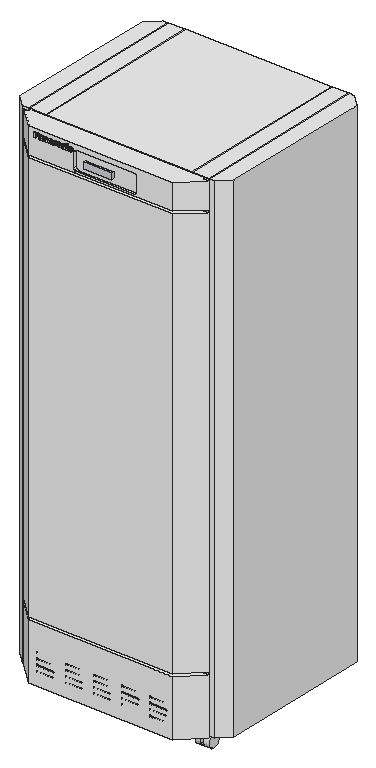
Revit family "MLR-351H-PA", category Mechanical Equipment, Revit 2011
Parameters
  URL = "http://us.sanyo.com/Biomedical-Environmental-Chambers-Plant-Growth-Chambers/MLR-351H-10-4-cu-ft-Plant-Growth-Chamber"
  Supplier Model = "MLR-351H-PA"
  Supplier = "Panasonic Healthcare Company of North America"
  Refrig Charge Lbs = "R-404A. 270g"
  Pnet Number = ""
  Panel = Plastic
  Model = "Panasonic MLR-351H-PA"
  Manufacturer = "Panasonic"
  Body = Galvanized Steel
  Load Mbh = 5118
  Length = 2' - 3.55906"
  Width = 2' - 5.92126"
  Legend Number = "Millimeters"
  LOAD 1 WATTAGE = 0 W
  LOAD 1 VOLTAGE = 115 V
  LOAD 1 POLES = 1
  LOAD 1 PLUG TYPE = "NEMA 5-20P"
  LOAD 1 NEUTRAL REQUIRED = yes
  LOAD 1 MOUNTING HEIGHT ABOVE FLOOR = 0' - 4"
  LOAD 1 ISOLATED GROUND REQUIRED = no
  LOAD 1 GROUND FAULT PROTECTION REQUIRED = no
  LOAD 1 ENERGY SETBACK REQUIRED = no
  LOAD 1 DESCRIPTION = "single phase 115V 60Hz"
  Height = 6' - 0.24409"
  Evap Temp = -10
  Equipment Mark = "Legend Number"  # constant formula
  Equipment Description = "Description"  # constant formula
  Door = Galvanized Steel
  Description = "Plant Growth Chamber"
  Defrost Type = "Manual"
  Defrost Termination = "Manual"
  Defrost Num Day = 0
  Actual Weight = 0
  LOAD 1 DEDICATED CIRCUIT REQUIRED = yes
  LOAD 1 CLASSIFICATION = Power
Reference planes (in)
  plane 1 "Center (Front/Back)": y = 0
  plane 2: z = 0
  plane 3 "Center (Left/Right)": x = 0
  plane 4: z = 72.24409
  plane 5: z = 2.55906
  plane 6: x = -14.96063
  plane 7: x = 14.96063
  plane 8: y = -13.77953
  plane 9: y = 13.77953
  plane 10: y = -10.62992
  plane 11: x = -10.23622
  plane 12: x = 10.23622
Forms (in)
  Extrusion 1, solid, material "Galvanized Steel" <- "Body"
    sketch origin (-11.3136, -60, 2.55906) x (-1, 0, 0) y (0, -1, 0)
      loop
        line (2.07223, -73.77953) -> (3.64703, -72.20472) -> (3.64703, -50.86569) -> (2.07223, -49.37008) -> (1.28483, -49.37008) -> (1.28483, -73.77953) -> (2.07223, -73.77953)
      loop
        line (-24.69943, -73.77953) -> (-23.91202, -73.77953) -> (-23.91202, -49.37008) -> (-24.69943, -49.37008) -> (-26.27423, -50.86569) -> (-26.27423, -72.20472) -> (-24.69943, -73.77953)
    from 0 to 69.68504
  Extrusion 2, solid, material "Galvanized Steel" <- "Body"
    sketch origin (-11.3136, -60, 2.55906) x (-1, 0, 0) y (0, -1, 0)
      loop
        line (1.28483, -73.77953) -> (1.28483, -49.37008) -> (-1.07738, -49.37008) -> (-1.07738, -73.77953) -> (1.28483, -73.77953)
      loop
        line (-23.91202, -73.77953) -> (-21.54982, -73.77953) -> (-21.54982, -49.37008) -> (-23.91202, -49.37008) -> (-23.91202, -73.77953)
    from 0 to 7.87402
  Extrusion 3, solid, material "Galvanized Steel" <- "Body"
    sketch origin (-11.3136, -60, 2.55906) x (-1, 0, 0) y (0, -1, 0)
      loop
        line (-1.07738, -73.77953) -> (-1.07738, -49.37008) -> (-21.54982, -49.37008) -> (-21.54982, -73.77953) -> (-1.07738, -73.77953)
    from 0 to 7.87402
  Extrusion 4, solid, material "Galvanized Steel" <- "Body"
    sketch origin (0, 0, 0) x (1, 0, 0) y (0, 0, 1)
      loop
        line (-12.59843, 68.30709) -> (-12.59843, 10.82677) -> (-10.23622, 10.82677) -> (-10.23622, 68.30709) -> (-12.59843, 68.30709)
      loop
        line (12.59843, 68.30709) -> (10.23622, 68.30709) -> (10.23622, 10.82677) -> (12.59843, 10.82677) -> (12.59843, 68.30709)
    from -13.77953 to 10.62992
  Extrusion 5, solid, material "Galvanized Steel" <- "Body"
    sketch origin (0, 0, 0) x (1, 0, 0) y (0, 0, 1)
      loop
        line (-12.59843, 72.24409) -> (-12.59843, 68.70079) -> (-10.23622, 68.70079) -> (-10.23622, 72.24409) -> (-12.59843, 72.24409)
      loop
        line (12.59843, 72.24409) -> (10.23622, 72.24409) -> (10.23622, 68.70079) -> (12.59843, 68.70079) -> (12.59843, 72.24409)
    from -13.77953 to 10.62992
  Extrusion 6, solid, material "Plastic"
    sketch origin (-14.96063, -60, -5.49032) x (0, 0, -1) y (0, -1, 0)
      loop
        line (-73.7974, -73.97638) -> (-70.05725, -73.97638) -> (-70.05725, -77.32283) -> (-68.67929, -77.32283) -> (-68.67929, -77.12598) -> (-69.8604, -77.12598) -> (-69.8604, -73.77953) -> (-73.7974, -73.77953) -> (-73.7974, -73.97638)
    from -4.72441 to -7.87402
  Extrusion 7, solid, material "Plastic"
    sketch origin (14.96063, -60, -5.49032) x (0, 0, -1) y (0, -1, 0)
      loop
        line (-73.7974, -73.97638) -> (-70.05725, -73.97638) -> (-70.05725, -77.32283) -> (-68.67929, -77.32283) -> (-68.67929, -77.12598) -> (-69.8604, -77.12598) -> (-69.8604, -73.77953) -> (-73.7974, -73.77953) -> (-73.7974, -73.97638)
    from 4.72441 to 7.87402
  Extrusion 8, solid, material "Galvanized Steel" <- "Body"
    sketch origin (0, 0, 0) x (0, 1, 0) y (0, 0, 1)
      loop
        line (-10.62992, 72.24409) -> (-10.62992, 68.30709) -> (-9.84252, 68.30709) -> (-9.84252, 60.43307) -> (9.44882, 60.43307) -> (9.44882, 15.74803) -> (-9.84252, 15.74803) -> (-9.84252, 10.82677) -> (13.77953, 10.82677) -> (13.77953, 72.24409) -> (-10.62992, 72.24409)
    from 10.23622 to -10.23622
  Extrusion 9, solid, material "Galvanized Steel" <- "Body"
    sketch origin (-11.3136, -60, 72.24409) x (-1, 0, 0) y (0, -1, 0)
      loop
        line (0.89113, -49.37008) -> (0.89113, -48.97638) -> (1.65768, -48.97638) -> (-1.24415, -46.22047) -> (-21.38305, -46.22047) -> (-24.28488, -48.97638) -> (-23.51832, -48.97638) -> (-23.51832, -49.37008) -> (0.89113, -49.37008)
    from 0 to -3.54331
  Extrusion 10, solid, material "Galvanized Steel" <- "Door"
    sketch origin (0, -9.84252, 68.30709) x (-1, 0, 0) y (0, 1, 0)
      loop
        line (12.97128, -1.1811) -> (12.20472, -1.1811) -> (12.20472, -0.7874) -> (-12.20472, -0.7874) -> (-12.20472, -1.1811) -> (-12.97128, -1.1811) -> (-10.06945, -3.93701) -> (10.06945, -3.93701) -> (12.97128, -1.1811)
    from 0 to 57.48031
  Extrusion 11, solid, material "Galvanized Steel" <- "Body"
    sketch origin (-11.3136, -60, 2.55906) x (-1, 0, 0) y (0, -1, 0)
      loop
        line (1.65768, -48.97638) -> (-1.24415, -46.22047) -> (-21.38305, -46.22047) -> (-24.28488, -48.97638) -> (-23.51832, -48.97638) -> (-23.51832, -49.37008) -> (0.89113, -49.37008) -> (0.89113, -48.97638) -> (1.65768, -48.97638)
    from 0 to 7.87402
  Extrusion 12, void
    sketch origin (168, -13.77953, -5.03102) x (0, 0, 1) y (1, 0, 0)
      loop
        line (76.68456, -171.34646) -> (76.68456, -163.27559)
        arc (76.68456, -163.27559) -> (76.56925, -162.9972) -> (76.29086, -162.88189) r 0.3937
        line (76.29086, -162.88189) -> (74.32236, -162.88189)
        arc (74.32236, -162.88189) -> (74.04397, -162.9972) -> (73.92866, -163.27559) r 0.3937
        line (73.92866, -163.27559) -> (73.92866, -171.34646)
        arc (73.92866, -171.34646) -> (74.04397, -171.62485) -> (74.32236, -171.74016) r 0.3937
        line (74.32236, -171.74016) -> (76.29086, -171.74016)
        arc (76.29086, -171.74016) -> (76.56925, -171.62485) -> (76.68456, -171.34646) r 0.3937
    from 0 to 0.3937
  Extrusion 13, solid
    sketch origin (168, -13.77953, -5.03102) x (0, 0, -1) y (1, 0, 0)
      loop
        line (-75.50346, -170.3622) -> (-74.71606, -170.3622) -> (-74.71606, -166.4252) -> (-75.50346, -166.4252) -> (-75.50346, -170.3622)
    from 0 to -0.3937
  Extrusion 14, void
    sketch origin (168, -13.77953, -5.03102) x (0, 0, 1) y (1, 0, 0)
      loop
        line (11.92078, -176.85827) -> (11.92078, -174.49606) -> (11.72393, -174.49606) -> (11.72393, -176.85827) -> (11.92078, -176.85827)
      loop
        line (11.13338, -176.85827) -> (11.13338, -174.49606) -> (10.93653, -174.49606) -> (10.93653, -176.85827) -> (11.13338, -176.85827)
      loop
        line (10.34598, -176.85827) -> (10.34598, -174.49606) -> (10.14913, -174.49606) -> (10.14913, -176.85827) -> (10.34598, -176.85827)
      loop
        line (9.55858, -176.85827) -> (9.55858, -174.49606) -> (9.36173, -174.49606) -> (9.36173, -176.85827) -> (9.55858, -176.85827)
    from 0 to 0.3937
  Extrusion 15, solid
    sketch origin (168, 13.77953, -5.03102) x (0, 0, -1) y (1, 0, 0)
      loop
        circle (-73.27512, -178.96063) r 0.59055
    from 0 to -0.3937
  Extrusion 16, solid, material "Steel"
    sketch origin (168, -10.62992, -5.03102) x (0, 0, -1) y (1, 0, 0)
      loop
        line (-7.59008, -179.11219) -> (-5.81842, -179.11219) -> (-5.81842, -178.71849) -> (-7.59008, -178.71849) -> (-7.59008, -179.11219)
    from -1.9685 to -2.75591
  Extrusion 17, solid, material "Steel"
    sketch origin (-11.11219, -10.62992, 0.7874) x (0, 0, 1) y (0, 1, 0)
      loop
        circle (0, 1.77165) r 0.7874
    from 0 to 0.7874
  Extrusion 18, solid, material "Steel"
    sketch origin (-10.71849, -10.62992, 2.55906) x (0, 0, -1) y (0, 1, 0)
      loop
        circle (1.77165, 1.77165) r 0.7874
    from 0 to 0.7874
  Extrusion 19, solid, material "Steel"
    sketch origin (-168, -10.62992, -5.03102) x (0, 0, -1) y (1, 0, 0)
      loop
        line (-7.59008, 179.11219) -> (-7.59008, 178.71849) -> (-5.81842, 178.71849) -> (-5.81842, 179.11219) -> (-7.59008, 179.11219)
    from -1.9685 to -2.75591
  Extrusion 20, solid, material "Steel"
    sketch origin (11.11219, -10.62992, 0.7874) x (0, 0, 1) y (0, -1, 0)
      loop
        circle (0, -1.77165) r 0.7874
    from 0 to 0.7874
  Extrusion 21, solid, material "Steel"
    sketch origin (10.71849, -10.62992, 2.55906) x (0, 0, -1) y (0, -1, 0)
      loop
        circle (1.77165, -1.77165) r 0.7874
    from 0 to 0.7874
  Extrusion 22, solid, material "Steel"
    sketch origin (168, 13.77953, -5.03102) x (0, 0, -1) y (1, 0, 0)
      loop
        line (-7.59008, -179.11219) -> (-5.81842, -179.11219) -> (-5.81842, -178.71849) -> (-7.59008, -178.71849) -> (-7.59008, -179.11219)
    from 1.9685 to 2.75591
  Extrusion 23, solid, material "Steel"
    sketch origin (-11.11219, 13.77953, 0.7874) x (0, 0, 1) y (0, 1, 0)
      loop
        circle (0, -1.77165) r 0.7874
    from 0 to 0.7874
  Extrusion 24, solid, material "Steel"
    sketch origin (-10.71849, 13.77953, 2.55906) x (0, 0, -1) y (0, 1, 0)
      loop
        circle (1.77165, -1.77165) r 0.7874
    from 0 to 0.7874
  Extrusion 25, solid, material "Steel"
    sketch origin (-168, 13.77953, -5.03102) x (0, 0, -1) y (1, 0, 0)
      loop
        line (-7.59008, 179.11219) -> (-7.59008, 178.71849) -> (-5.81842, 178.71849) -> (-5.81842, 179.11219) -> (-7.59008, 179.11219)
    from 1.9685 to 2.75591
  Extrusion 26, solid, material "Steel"
    sketch origin (11.11219, 13.77953, 0.7874) x (0, 0, 1) y (0, -1, 0)
      loop
        circle (0, 1.77165) r 0.7874
    from 0 to 0.7874
  Extrusion 27, solid, material "Steel"
    sketch origin (10.71849, 13.77953, 2.55906) x (0, 0, -1) y (0, -1, 0)
      loop
        circle (1.77165, 1.77165) r 0.7874
    from 0 to 0.7874
  Extrusion 28, void
    sketch origin (171.93701, -13.77953, -5.03102) x (0, 0, 1) y (1, 0, 0)
      loop
        line (11.92078, -176.85827) -> (11.92078, -174.49606) -> (11.72393, -174.49606) -> (11.72393, -176.85827) -> (11.92078, -176.85827)
      loop
        line (11.13338, -176.85827) -> (11.13338, -174.49606) -> (10.93653, -174.49606) -> (10.93653, -176.85827) -> (11.13338, -176.85827)
      loop
        line (10.34598, -176.85827) -> (10.34598, -174.49606) -> (10.14913, -174.49606) -> (10.14913, -176.85827) -> (10.34598, -176.85827)
      loop
        line (9.55858, -176.85827) -> (9.55858, -174.49606) -> (9.36173, -174.49606) -> (9.36173, -176.85827) -> (9.55858, -176.85827)
    from 0 to 0.3937
  Extrusion 29, void
    sketch origin (175.87402, -13.77953, -5.03102) x (0, 0, 1) y (1, 0, 0)
      loop
        line (11.92078, -176.85827) -> (11.92078, -174.49606) -> (11.72393, -174.49606) -> (11.72393, -176.85827) -> (11.92078, -176.85827)
      loop
        line (11.13338, -176.85827) -> (11.13338, -174.49606) -> (10.93653, -174.49606) -> (10.93653, -176.85827) -> (11.13338, -176.85827)
      loop
        line (10.34598, -176.85827) -> (10.34598, -174.49606) -> (10.14913, -174.49606) -> (10.14913, -176.85827) -> (10.34598, -176.85827)
      loop
        line (9.55858, -176.85827) -> (9.55858, -174.49606) -> (9.36173, -174.49606) -> (9.36173, -176.85827) -> (9.55858, -176.85827)
    from 0 to 0.3937
  Extrusion 30, void
    sketch origin (179.81102, -13.77953, -5.03102) x (0, 0, 1) y (1, 0, 0)
      loop
        line (11.92078, -176.85827) -> (11.92078, -174.49606) -> (11.72393, -174.49606) -> (11.72393, -176.85827) -> (11.92078, -176.85827)
      loop
        line (11.13338, -176.85827) -> (11.13338, -174.49606) -> (10.93653, -174.49606) -> (10.93653, -176.85827) -> (11.13338, -176.85827)
      loop
        line (10.34598, -176.85827) -> (10.34598, -174.49606) -> (10.14913, -174.49606) -> (10.14913, -176.85827) -> (10.34598, -176.85827)
      loop
        line (9.55858, -176.85827) -> (9.55858, -174.49606) -> (9.36173, -174.49606) -> (9.36173, -176.85827) -> (9.55858, -176.85827)
    from 0 to 0.3937
  Extrusion 31, void
    sketch origin (183.74803, -13.77953, -5.03102) x (0, 0, 1) y (1, 0, 0)
      loop
        line (11.92078, -176.85827) -> (11.92078, -174.49606) -> (11.72393, -174.49606) -> (11.72393, -176.85827) -> (11.92078, -176.85827)
      loop
        line (11.13338, -176.85827) -> (11.13338, -174.49606) -> (10.93653, -174.49606) -> (10.93653, -176.85827) -> (11.13338, -176.85827)
      loop
        line (10.34598, -176.85827) -> (10.34598, -174.49606) -> (10.14913, -174.49606) -> (10.14913, -176.85827) -> (10.34598, -176.85827)
      loop
        line (9.55858, -176.85827) -> (9.55858, -174.49606) -> (9.36173, -174.49606) -> (9.36173, -176.85827) -> (9.55858, -176.85827)
    from 0 to 0.3937
Cuts and joins
  Extrusion 12 cuts Extrusion 9
  Extrusion 14, Extrusion 28, Extrusion 29, Extrusion 30, Extrusion 31 cuts Extrusion 11
Dimensions and locks (in)
  locked: plane 5 to level at 2.55906
  "Height": plane 4 to level
  "Width": plane 6 to plane 7
  equal spacing: plane 6, plane 3 "Center (Left/Right)", plane 7
  "Length": plane 8 to plane 9
  locked: plane 6 to Extrusion 1 sketch curve at 2.3622
  locked: Extrusion 4 sketch curve to Extrusion 2 at 0.3937
  locked: plane 8 to plane 10 at 3.14961
  equal spacing: plane 8, plane 1 "Center (Front/Back)", plane 9
  plane 10 to plane 9 = 2' - 0.40945"
  locked: Extrusion 1 sketch curve to Extrusion 5 at 0.7874  (x2)
  locked: Extrusion 8 sketch curve to Extrusion 8 sketch curve at 0.7874
  locked: plane 6 to plane 11 at 4.72441
  locked: plane 12 to plane 7 at 4.72441
  locked: Extrusion 8 sketch curve to plane 9 at 4.33071
  locked: Extrusion 9 sketch curve to Extrusion 5 at 0.3937
  locked: Extrusion 5 to Extrusion 9 sketch curve at 0.3937
  locked: Extrusion 5 to Extrusion 4 sketch curve at 0.3937
  plane 11 to Extrusion 12 sketch curve = 0' - 6.49606"
  locked: plane 8 to cut or joined group of Extrusion 11, Extrusion 14, Extrusion 28, Extrusion 29, Extrusion 30, Extrusion 31 at 0.3937
  Extrusion 15 sketch curve to plane 4 = 0' - 4"
  plane 6 to Extrusion 15 sketch curve = 0' - 4"
  locked: Extrusion 17 sketch curve to level at 0.7874
  locked: Extrusion 17 sketch curve to Extrusion 16 at 0.98425
  locked: Extrusion 19 to Extrusion 20 sketch curve at 0.98425
  locked: Extrusion 22 to Extrusion 23 sketch curve at 0.98425
  locked: Extrusion 26 sketch curve to Extrusion 25 at 0.98425
  locked: Extrusion 13 sketch curve to Extrusion 13 sketch curve at 3.93701
  locked: Extrusion 13 sketch curve to cut or joined group of Extrusion 9, Extrusion 12 at 1.37795
  locked: plane 11 to cut or joined group of Extrusion 11, Extrusion 14, Extrusion 28, Extrusion 29, Extrusion 30, Extrusion 31 at 1.37795
  locked: cut or joined group of Extrusion 11, Extrusion 14, Extrusion 28, Extrusion 29, Extrusion 30, Extrusion 31 to level at 6.69291
  locked: plane 11 to nested 1 at 1
  locked: plane 4 to nested 1 at 1
  aligned and locked: level to plane 2
  aligned and locked: plane 9 to Extrusion 1 sketch curve
  aligned and locked: Extrusion 1 sketch curve to plane 6
  aligned and locked: plane 4 to Extrusion 1
  aligned and locked: Extrusion 1 to plane 5
  aligned and locked: Extrusion 2 sketch curve to Extrusion 2 sketch curve
  aligned and locked: Extrusion 3 sketch curve to Extrusion 2  (x4)
  aligned and locked: Extrusion 3 to plane 5
  aligned and locked: Extrusion 2 to Extrusion 3
  aligned and locked: Extrusion 4 sketch curve to Extrusion 4 sketch curve  (x2)
  aligned and locked: Extrusion 4 sketch curve to Extrusion 2
  aligned and locked: Extrusion 4 to plane 9
  aligned and locked: Extrusion 4 to Extrusion 2
  aligned and locked: Extrusion 5 sketch curve to Extrusion 5 sketch curve
  aligned and locked: Extrusion 5 to plane 9
  aligned and locked: Extrusion 5 to Extrusion 4  (x2)
  aligned and locked: Extrusion 2 to Extrusion 4
  aligned and locked: Extrusion 4 to Extrusion 5
  aligned and locked: plane 10 to Extrusion 5
  aligned and locked: Extrusion 8 sketch curve to Extrusion 1
  aligned and locked: Extrusion 8 sketch curve to Extrusion 4
  aligned and locked: plane 11 to Extrusion 8
  aligned and locked: Extrusion 8 to plane 12
  aligned and locked: plane 9 to Extrusion 8 sketch curve
  aligned and locked: Extrusion 8 sketch curve to plane 10
  aligned and locked: Extrusion 8 sketch curve to Extrusion 8 sketch curve
  aligned and locked: Extrusion 1 to Extrusion 9 sketch curve  (x3)
  aligned and locked: Extrusion 9 sketch curve to plane 8
  aligned and locked: Extrusion 9 sketch curve to Extrusion 9 sketch curve
  aligned and locked: Extrusion 9 to Extrusion 5
  aligned and locked: Extrusion 10 sketch curve to Extrusion 9  (x8)
  aligned and locked: Extrusion 10 to Extrusion 4  (x2)
  aligned and locked: Extrusion 11 sketch curve to Extrusion 9  (x8)
  aligned and locked: Extrusion 11 to plane 5
  aligned and locked: Extrusion 11 to Extrusion 2
  aligned and locked: Extrusion 13 to plane 8
  aligned and locked: cut or joined group of Extrusion 9, Extrusion 12 to Extrusion 13
  aligned and locked: cut or joined group of Extrusion 11, Extrusion 14, Extrusion 28, Extrusion 29, Extrusion 30, Extrusion 31 to plane 8
  aligned and locked: cut or joined group of Extrusion 11, Extrusion 14, Extrusion 28, Extrusion 29, Extrusion 30, Extrusion 31 to cut or joined group of Extrusion 11, Extrusion 14, Extrusion 28, Extrusion 29, Extrusion 30, Extrusion 31
  aligned: plane 8 to Extrusion 14
  aligned: cut or joined group of Extrusion 11, Extrusion 14, Extrusion 28, Extrusion 29, Extrusion 30, Extrusion 31 to cut or joined group of Extrusion 11, Extrusion 14, Extrusion 28, Extrusion 29, Extrusion 30, Extrusion 31  (x2)
  aligned and locked: Extrusion 14 sketch curve to Extrusion 14 sketch curve  (x6)
  aligned and locked: plane 9 to Extrusion 15
  aligned and locked: Extrusion 16 sketch curve to plane 5
  aligned and locked: Extrusion 18 sketch curve to Extrusion 17  (x2)
  aligned and locked: Extrusion 21 sketch curve to Extrusion 20  (x2)
  aligned and locked: Extrusion 24 sketch curve to Extrusion 23  (x2)
  aligned and locked: Extrusion 27 sketch curve to Extrusion 26  (x2)
  aligned and locked: Extrusion 28 sketch curve to Extrusion 28 sketch curve  (x6)
  aligned and locked: Extrusion 29 sketch curve to Extrusion 29 sketch curve  (x6)
  aligned and locked: Extrusion 30 sketch curve to Extrusion 30 sketch curve  (x6)
  aligned and locked: Extrusion 31 sketch curve to Extrusion 31 sketch curve  (x6)
  aligned and locked: plane 8 to nested 1
Automatic sketch dimensions
  Extrusion 28 sketch curve to Extrusion 28 sketch curve = 0' - 0.59055"  (x3)
  Extrusion 28 sketch curve to Extrusion 28 sketch curve = 0' - 0.19685"  (x4)
  Extrusion 28 sketch curve to Extrusion 28 sketch curve = 0' - 2.3622"
  Extrusion 30 sketch curve to Extrusion 30 sketch curve = 0' - 0.59055"  (x3)
  Extrusion 30 sketch curve to Extrusion 30 sketch curve = 0' - 0.19685"  (x4)
  Extrusion 30 sketch curve to Extrusion 30 sketch curve = 0' - 2.3622"
  Extrusion 1 sketch curve to plane 7 = 0' - 0"
  plane 10 to Extrusion 1 sketch curve = 0' - 0"  (x2)
  plane 9 to Extrusion 1 sketch curve = 0' - 0"
  plane 7 to Extrusion 1 sketch curve = 0' - 1.5748"  (x2)
  Extrusion 1 sketch curve to Extrusion 1 sketch curve = 0' - 0.7874"
  plane 9 to Extrusion 1 sketch curve = 0' - 1.5748"  (x2)
  Extrusion 1 sketch curve to plane 10 = 0' - 1.49561"  (x2)
  plane 10 to Extrusion 2 sketch curve = 0' - 0"
  plane 9 to Extrusion 2 sketch curve = 0' - 0"  (x2)
  Extrusion 2 sketch curve to plane 12 = 0' - 0"
  Extrusion 2 sketch curve to plane 11 = 0' - 0"
  plane 7 to Extrusion 2 sketch curve = 0' - 2.3622"
  Extrusion 2 sketch curve to Extrusion 2 sketch curve = 0' - 2.3622"
  Extrusion 3 sketch curve to plane 11 = 0' - 0"
  plane 11 to Extrusion 4 sketch curve = 0' - 0"
  Extrusion 4 sketch curve to Extrusion 4 sketch curve = 0' - 2.3622"
  plane 7 to Extrusion 4 sketch curve = 0' - 2.3622"
  Extrusion 5 sketch curve to plane 4 = 0' - 0"  (x2)
  plane 11 to Extrusion 5 sketch curve = 0' - 0"
  plane 12 to Extrusion 5 sketch curve = 0' - 0"
  Extrusion 5 sketch curve to Extrusion 5 sketch curve = 0' - 2.3622"
  plane 7 to Extrusion 5 sketch curve = 0' - 2.3622"
  Extrusion 5 sketch curve to Extrusion 5 sketch curve = 0' - 3.54331"
  Extrusion 6 sketch curve to plane 9 = 0' - 0"
  Extrusion 6 sketch curve to plane 9 = 0' - 0.19685"
  Extrusion 6 sketch curve to plane 4 = 0' - 3.93701"
  Extrusion 6 sketch curve to Extrusion 6 sketch curve = 0' - 3.74016"
  Extrusion 6 sketch curve to Extrusion 6 sketch curve = 0' - 0.19685"  (x2)
  Extrusion 6 sketch curve to Extrusion 6 sketch curve = 0' - 1.1811"
  Extrusion 6 sketch curve to plane 9 = 0' - 3.34646"
  Extrusion 7 sketch curve to plane 9 = 0' - 0"
  Extrusion 7 sketch curve to plane 9 = 0' - 0.19685"
  Extrusion 7 sketch curve to plane 4 = 0' - 3.93701"
  Extrusion 7 sketch curve to Extrusion 7 sketch curve = 0' - 3.74016"
  Extrusion 7 sketch curve to Extrusion 7 sketch curve = 0' - 0.19685"  (x2)
  Extrusion 7 sketch curve to Extrusion 7 sketch curve = 0' - 1.1811"
  Extrusion 7 sketch curve to plane 9 = 0' - 3.34646"
  Extrusion 8 sketch curve to Extrusion 8 sketch curve = 0' - 4.92126"
  Extrusion 8 sketch curve to plane 4 = 0' - 11.81102"
  Extrusion 8 sketch curve to plane 4 = 0' - 3.93701"
  plane 10 to Extrusion 9 sketch curve = 0' - 0.3937"
  Extrusion 12 sketch curve to plane 4 = 0' - 3.34646"
  Extrusion 12 sketch curve to Extrusion 12 sketch curve = 0' - 0.3937"  (x2)
  Extrusion 12 sketch curve to plane 4 = 0' - 0.98425"  (x2)
  Extrusion 12 sketch curve to plane 4 = 0' - 0.59055"
  plane 3 "Center (Left/Right)" to Extrusion 12 sketch curve = 0' - 4.72441"
  Extrusion 13 sketch curve to plane 4 = 0' - 1.77165"
  Extrusion 13 sketch curve to Extrusion 13 sketch curve = 0' - 0.7874"
  plane 5 to Extrusion 14 sketch curve = 0' - 1.77165"
  Extrusion 14 sketch curve to Extrusion 14 sketch curve = 0' - 0.19685"  (x4)
  Extrusion 14 sketch curve to Extrusion 14 sketch curve = 0' - 0.59055"  (x3)
  Extrusion 14 sketch curve to plane 11 = 0' - 1.37795"
  Extrusion 14 sketch curve to Extrusion 14 sketch curve = 0' - 2.3622"
  level to Extrusion 16 sketch curve = 0' - 0.7874"
  plane 11 to Extrusion 16 sketch curve = 0' - 0.87597"
  Extrusion 16 sketch curve to Extrusion 16 sketch curve = 0' - 0.3937"
  Extrusion 19 sketch curve to plane 5 = 0' - 0"
  level to Extrusion 19 sketch curve = 0' - 0.7874"
  Extrusion 19 sketch curve to plane 12 = 0' - 0.48227"
  Extrusion 19 sketch curve to Extrusion 19 sketch curve = 0' - 0.3937"
  Extrusion 20 sketch curve to Extrusion 19 = 0' - 0"
  Extrusion 22 sketch curve to plane 5 = 0' - 0"
  level to Extrusion 22 sketch curve = 0' - 0.7874"
  plane 11 to Extrusion 22 sketch curve = 0' - 0.87597"
  Extrusion 22 sketch curve to Extrusion 22 sketch curve = 0' - 0.3937"
  Extrusion 23 sketch curve to Extrusion 22 = 0' - 0"
  Extrusion 25 sketch curve to plane 5 = 0' - 0"
  level to Extrusion 25 sketch curve = 0' - 0.7874"
  Extrusion 25 sketch curve to plane 12 = 0' - 0.48227"
  Extrusion 25 sketch curve to Extrusion 25 sketch curve = 0' - 0.3937"
  Extrusion 25 to Extrusion 26 sketch curve = 0' - 0"
  Extrusion 29 sketch curve to Extrusion 29 sketch curve = 0' - 0.59055"  (x3)
  Extrusion 29 sketch curve to Extrusion 29 sketch curve = 0' - 0.19685"  (x4)
  Extrusion 29 sketch curve to plane 3 "Center (Left/Right)" = 0' - 0.98425"
  plane 3 "Center (Left/Right)" to Extrusion 29 sketch curve = 0' - 1.37795"
  Extrusion 31 sketch curve to Extrusion 31 sketch curve = 0' - 0.59055"  (x3)
  Extrusion 31 sketch curve to Extrusion 31 sketch curve = 0' - 0.19685"  (x4)
  plane 12 to Extrusion 31 sketch curve = 0' - 0.98425"
  Extrusion 31 sketch curve to Extrusion 31 sketch curve = 0' - 2.3622"
  plane 5 to Extrusion 31 sketch curve = 0' - 1.77165"
  plane 3 "Center (Left/Right)" to Extrusion 30 sketch curve = 0' - 2.95276"
  plane 5 to Extrusion 30 sketch curve = 0' - 1.77165"
  plane 5 to Extrusion 29 sketch curve = 0' - 1.77165"
  Extrusion 28 sketch curve to plane 3 "Center (Left/Right)" = 0' - 4.92126"
  plane 5 to Extrusion 28 sketch curve = 0' - 1.77165"
  radius of Extrusion 15 sketch curve = 0' - 0.59055"
  radius of Extrusion 17 sketch curve = 0' - 0.7874"
  radius of Extrusion 20 sketch curve = 0' - 0.7874"
  radius of Extrusion 23 sketch curve = 0' - 0.7874"
  radius of Extrusion 26 sketch curve = 0' - 0.7874"
Nested families (in)
  nested 1: "Panasonic logo" at (-9.23622, -13.77953, 71.24409), type "Panasonic logo"
Connectors (in)
  electrical at (-10.96063, 14.17323, 68.24409), driven by "LOAD 1 POLES", driven by "LOAD 1 CLASSIFICATION", driven by "LOAD 1 VOLTAGE", driven by "LOAD 1 WATTAGE", driven by "LOAD 1 DESCRIPTION"
    settings: on Extrusion 15, index 1, voltage 115 V, apparent load 0 VA, apparent load phase1 0 VA, apparent load phase2 0 VA, apparent load phase3 0 VA, power factor 1, load classification "Power", number of poles 1, system type 31, power factor state 1, is connector primary yes, connector utility no, sub classification motor no, connector description "single phase 115V 60Hz"
Definition of nested family "Panasonic logo"
  Reference planes (in)
    plane 1 "Center (Front/Back)": y = 0
    plane 2: z = 0
    plane 3 "Center (Left/Right)": x = 0
  Forms (in)
    Extrusion 1, solid, material "Panasonic Logo"
      sketch origin (0.03212, -0.09843, 0) x (-1, 0, 0) y (0, 0, 1)
        loop
          line (0, 0.68898) -> (-0.38583, 0.68898)
          arc (-0.38583, 0.68898) -> (-0.5324, 0.62429) -> (-0.58339, 0.47241) r 0.19839
          arc (-0.58339, 0.47241) -> (-0.5324, 0.32053) -> (-0.38583, 0.25585) r 0.19839
          line (-0.38583, 0.25585) -> (-0.21395, 0.25585) -> (-0.21395, 0) -> (0, 0) -> (0, 0.68898)
        loop
          arc (-0.66907, 0.33724) -> (-0.70533, 0.42799) -> (-0.78293, 0.48739) r 0.18409
          arc (-0.78293, 0.48739) -> (-0.94253, 0.51185) -> (-1.10277, 0.49195) r 0.58761
          arc (-1.10277, 0.49195) -> (-1.17984, 0.43094) -> (-1.20954, 0.33724) r 0.16786
          line (-1.20954, 0.33724) -> (-1.20954, 0.10637)
          arc (-1.20954, 0.10637) -> (-1.21448, 0.05156) -> (-1.23371, 0) r 0.20675
          line (-1.23371, 0) -> (-1.05442, 0)
          arc (-1.05442, 0) -> (-1.04032, 0.02938) -> (-1.03346, 0.06124) r 0.13892
          arc (-1.03346, 0.06124) -> (-0.92765, -0.00265) -> (-0.80421, -0.00927) r 0.25497
          arc (-0.80421, -0.00927) -> (-0.68619, 0.05376) -> (-0.66967, 0.18654) r 0.14536
          arc (-0.66967, 0.18654) -> (-0.70757, 0.24008) -> (-0.76714, 0.26753) r 0.12687
          arc (-0.76714, 0.26753) -> (-0.89578, 0.2976) -> (-1.02299, 0.33321) r 3.05121
          arc (-1.02299, 0.33321) -> (-1.01572, 0.37383) -> (-0.97994, 0.3944) r 0.04886
          arc (-0.97994, 0.3944) -> (-0.9077, 0.38896) -> (-0.85699, 0.33724) r 0.10279
          line (-0.85699, 0.33724) -> (-0.66907, 0.33724)
        loop
          arc (-1.02299, 0.23691) -> (-1.02456, 0.20658) -> (-1.02057, 0.17647) r 0.16573
          arc (-1.02057, 0.17647) -> (-0.98107, 0.1169) -> (-0.91299, 0.09509) r 0.10791
          arc (-0.91299, 0.09509) -> (-0.86961, 0.109) -> (-0.8514, 0.15075) r 0.0553
          arc (-0.8514, 0.15075) -> (-0.86976, 0.18174) -> (-0.90091, 0.19984) r 0.07152
          arc (-0.90091, 0.19984) -> (-0.96216, 0.21768) -> (-1.02299, 0.23691) r 2.80364
        loop
          line (-1.32437, 0) -> (-1.32437, 0.49921) -> (-1.50205, 0.49921) -> (-1.50205, 0.41782)
          arc (-1.50205, 0.41782) -> (-1.569, 0.48006) -> (-1.65589, 0.50849) r 0.2129
          arc (-1.65589, 0.50849) -> (-1.71735, 0.50634) -> (-1.77603, 0.48792) r 0.22905
          arc (-1.77603, 0.48792) -> (-1.82695, 0.43299) -> (-1.85137, 0.36217) r 0.18164
          line (-1.85137, 0.36217) -> (-1.85137, 0) -> (-1.65959, 0) -> (-1.65959, 0.29261)
          arc (-1.65959, 0.29261) -> (-1.65655, 0.30888) -> (-1.65071, 0.32437) r 0.09434
          arc (-1.65071, 0.32437) -> (-1.60773, 0.35903) -> (-1.55372, 0.34755) r 0.06426
          arc (-1.55372, 0.34755) -> (-1.52809, 0.31355) -> (-1.51535, 0.27293) r 0.12512
          line (-1.51535, 0.27293) -> (-1.51535, 0) -> (-1.32437, 0)
        loop
          arc (-2.0658, 0.48739) -> (-2.2254, 0.51185) -> (-2.38563, 0.49195) r 0.58761
          arc (-2.38563, 0.49195) -> (-2.46271, 0.43094) -> (-2.4924, 0.33724) r 0.16786
          line (-2.4924, 0.33724) -> (-2.4924, 0.10637)
          arc (-2.4924, 0.10637) -> (-2.49735, 0.05156) -> (-2.51658, 0) r 0.20675
          line (-2.51658, 0) -> (-2.33728, 0)
          arc (-2.33728, 0) -> (-2.32319, 0.02938) -> (-2.31633, 0.06124) r 0.13892
          arc (-2.31633, 0.06124) -> (-2.21051, -0.00265) -> (-2.08707, -0.00927) r 0.25497
          arc (-2.08707, -0.00927) -> (-1.96905, 0.05376) -> (-1.95254, 0.18654) r 0.14536
          arc (-1.95254, 0.18654) -> (-1.99044, 0.24008) -> (-2.05001, 0.26753) r 0.12687
          arc (-2.05001, 0.26753) -> (-2.17864, 0.2976) -> (-2.30585, 0.33321) r 3.05121
          arc (-2.30585, 0.33321) -> (-2.29859, 0.37383) -> (-2.2628, 0.3944) r 0.04886
          arc (-2.2628, 0.3944) -> (-2.19057, 0.38896) -> (-2.13986, 0.33724) r 0.10279
          line (-2.13986, 0.33724) -> (-1.95194, 0.33724)
          arc (-1.95194, 0.33724) -> (-1.9882, 0.42799) -> (-2.0658, 0.48739) r 0.18409
        loop
          arc (-2.30585, 0.23691) -> (-2.30743, 0.20658) -> (-2.30344, 0.17647) r 0.16573
          arc (-2.30344, 0.17647) -> (-2.26393, 0.1169) -> (-2.19586, 0.09509) r 0.10791
          arc (-2.19586, 0.09509) -> (-2.15248, 0.109) -> (-2.13426, 0.15075) r 0.0553
          arc (-2.13426, 0.15075) -> (-2.15263, 0.18174) -> (-2.18377, 0.19984) r 0.07152
          arc (-2.18377, 0.19984) -> (-2.24502, 0.21768) -> (-2.30585, 0.23691) r 2.80364
        loop
          arc (-2.92975, 0.5049) -> (-3.03414, 0.45676) -> (-3.09463, 0.35899) r 0.19947
          line (-3.09463, 0.35899) -> (-2.90539, 0.35899)
          arc (-2.90539, 0.35899) -> (-2.85237, 0.40465) -> (-2.78266, 0.39858) r 0.09009
          arc (-2.78266, 0.39858) -> (-2.76871, 0.36543) -> (-2.79321, 0.33909) r 0.03313
          arc (-2.79321, 0.33909) -> (-2.83869, 0.3295) -> (-2.88433, 0.32073) r 2.54064
          arc (-2.88433, 0.32073) -> (-2.94649, 0.31004) -> (-3.00772, 0.29493) r 0.88332
          arc (-3.00772, 0.29493) -> (-3.10307, 0.16501) -> (-3.01917, 0.02742) r 0.14476
          arc (-3.01917, 0.02742) -> (-2.86186, -0.01349) -> (-2.7003, 0.00443) r 0.44796
          arc (-2.7003, 0.00443) -> (-2.61174, 0.06063) -> (-2.56879, 0.15633) r 0.18235
          line (-2.56879, 0.15633) -> (-2.76316, 0.15633)
          arc (-2.76316, 0.15633) -> (-2.82114, 0.10394) -> (-2.89929, 0.10393) r 0.1088
          arc (-2.89929, 0.10393) -> (-2.92477, 0.13586) -> (-2.90659, 0.17245) r 0.03801
          arc (-2.90659, 0.17245) -> (-2.82094, 0.19945) -> (-2.73194, 0.21153) r 0.52701
          arc (-2.73194, 0.21153) -> (-2.66987, 0.23105) -> (-2.62133, 0.27438) r 0.15455
          arc (-2.62133, 0.27438) -> (-2.5992, 0.38794) -> (-2.67049, 0.47906) r 0.13932
          arc (-2.67049, 0.47906) -> (-2.79835, 0.50972) -> (-2.92975, 0.5049) r 0.48494
        loop
          arc (-3.54315, 0.50388) -> (-3.74384, 0.24936) -> (-3.54315, -0.00516) r 0.26174
          arc (-3.54315, -0.00516) -> (-3.42866, -0.01726) -> (-3.31789, 0.01412) r 0.30368
          arc (-3.31789, 0.01412) -> (-3.1709, 0.24936) -> (-3.31789, 0.4846) r 0.26174
          arc (-3.31789, 0.4846) -> (-3.42866, 0.51599) -> (-3.54315, 0.50388) r 0.30368
        loop
          arc (-3.52459, 0.34884) -> (-3.55159, 0.24936) -> (-3.52459, 0.14988) r 0.19678
          arc (-3.52459, 0.14988) -> (-3.45714, 0.11805) -> (-3.38968, 0.14988) r 0.08739
          arc (-3.38968, 0.14988) -> (-3.36269, 0.24936) -> (-3.38968, 0.34884) r 0.19678
          arc (-3.38968, 0.34884) -> (-3.45714, 0.38067) -> (-3.52459, 0.34884) r 0.08739
        loop
          line (-3.83611, 0.49921) -> (-4.01379, 0.49921) -> (-4.01379, 0.41782)
          arc (-4.01379, 0.41782) -> (-4.08074, 0.48006) -> (-4.16763, 0.50849) r 0.2129
          arc (-4.16763, 0.50849) -> (-4.22909, 0.50634) -> (-4.28777, 0.48792) r 0.22905
          arc (-4.28777, 0.48792) -> (-4.33869, 0.43299) -> (-4.36311, 0.36217) r 0.18164
          line (-4.36311, 0.36217) -> (-4.36311, 0) -> (-4.17133, 0) -> (-4.17133, 0.29261)
          arc (-4.17133, 0.29261) -> (-4.16829, 0.30888) -> (-4.16245, 0.32437) r 0.09434
          arc (-4.16245, 0.32437) -> (-4.11947, 0.35903) -> (-4.06546, 0.34755) r 0.06426
          arc (-4.06546, 0.34755) -> (-4.03983, 0.31355) -> (-4.02709, 0.27293) r 0.12512
          line (-4.02709, 0.27293) -> (-4.02709, 0) -> (-3.83611, 0) -> (-3.83611, 0.49921)
        loop
          line (-4.48439, 0.55884) -> (-4.48439, 0.68898) -> (-4.67537, 0.68898) -> (-4.67537, 0.55884) -> (-4.48439, 0.55884)
        loop
          line (-4.67537, 0.49921) -> (-4.67537, 0) -> (-4.48439, 0) -> (-4.48439, 0.49921) -> (-4.67537, 0.49921)
        loop
          arc (-5.14673, 0.50231) -> (-5.26863, 0.43498) -> (-5.33874, 0.31467) r 0.26174
          line (-5.33874, 0.31467) -> (-5.14346, 0.31467)
          arc (-5.14346, 0.31467) -> (-5.13656, 0.33132) -> (-5.12818, 0.34727) r 0.19678
          arc (-5.12818, 0.34727) -> (-5.06072, 0.3791) -> (-4.99327, 0.34727) r 0.08739
          arc (-4.99327, 0.34727) -> (-4.96627, 0.24779) -> (-4.99327, 0.14831) r 0.19678
          arc (-4.99327, 0.14831) -> (-5.06072, 0.11648) -> (-5.12818, 0.14831) r 0.08739
          arc (-5.12818, 0.14831) -> (-5.13966, 0.17121) -> (-5.14807, 0.19541) r 0.19678
          line (-5.14807, 0.19541) -> (-5.34213, 0.19541)
          arc (-5.34213, 0.19541) -> (-5.27388, 0.06588) -> (-5.14673, -0.00673) r 0.26174
          arc (-5.14673, -0.00673) -> (-5.03224, -0.01884) -> (-4.92147, 0.01255) r 0.30368
          arc (-4.92147, 0.01255) -> (-4.77449, 0.24779) -> (-4.92147, 0.48303) r 0.26174
          arc (-4.92147, 0.48303) -> (-5.03224, 0.51441) -> (-5.14673, 0.50231) r 0.30368
        loop
          line (-0.21395, 0.39261) -> (-0.21395, 0.5502) -> (-0.3165, 0.5502)
          arc (-0.3165, 0.5502) -> (-0.35937, 0.53244) -> (-0.37712, 0.48958) r 0.06062
          line (-0.37712, 0.48958) -> (-0.37712, 0.45323)
          arc (-0.37712, 0.45323) -> (-0.35937, 0.41037) -> (-0.3165, 0.39261) r 0.06062
          line (-0.3165, 0.39261) -> (-0.21395, 0.39261)
      from 0 to 0.09843
  Dimensions and locks (in)
    aligned and locked: plane 2 to level
